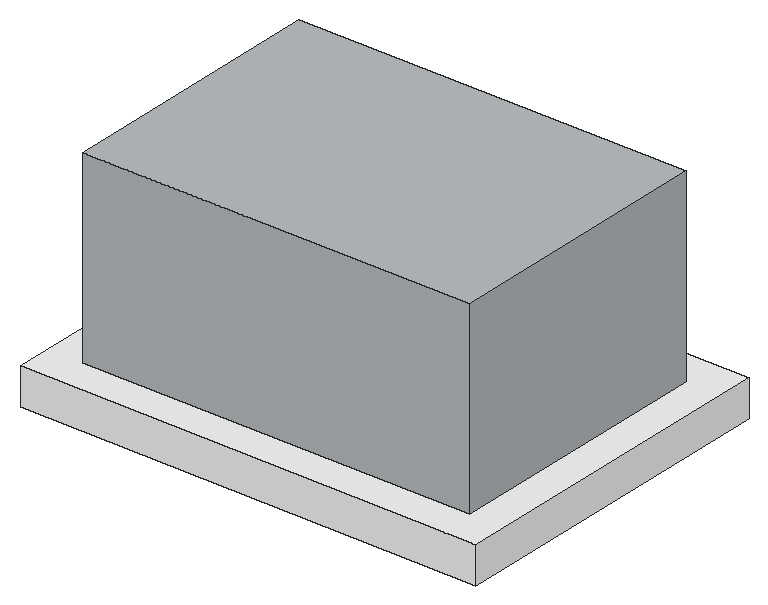
Revit family "wd-120_220bzr5_50Hz", category 機械設備, Revit 2019
Family settings
  丸型コネクタ寸法 = 直径を使用
  パーツ タイプ = 標準
  OmniClass 番号 = 23.75.35.17.27
  OmniClass タイトル = Centrifugal Fans
  作業面ベース = いいえ
  常に垂直 = はい
  ロード時にボイドで切り取り = いいえ
  共有 = いいえ
  部屋計算ポイント = はい
Parameters (values of type "WD-120BZR5")
  騒音レベル(dB(A)) [instance] = 42
  風量 [instance] = 165.0 m³/h
  電源種別 [instance] = ""
  電圧 = 100 V
  電動機出力 = 0 W
  電動機_種別 [instance] = ""
  運転質量 = 0.00 kg
  連動 [instance] = ""
  質量 = if(製品質量 > 運転質量, 製品質量, 運転質量) * 1.2  # 7.80 kg
  負荷分類 = 3_ファン類
  説明 = "バス乾燥・暖房・換気システム 浴室暖房機〈換気扇連動形〉"
  設計風量 [instance] = 0.0 m³/h
  設置方法 = "カセット形"
  記号 [instance] = ""
  製造元 = "三菱電機株式会社"
  製品質量 = 6.50 kg
  製品出荷対象 = "国内"
  製品リリース年月 = "2022年6月1日"
  製品グループ = ""
  系統 [instance] = ""
  符号 [instance] = if(☑給気／□排気, "FS", "FE")  # "FE"
  積算_科目 = "2 換気設備"
  積算_拾い区分 [instance] = ""
  相 = 1
  盤記号 [instance] = ""
  発停方法 [instance] = ""
  特殊仕様 [instance] = ""
  点検口離隔 = 150 mm
  点検口_Depth = 450 mm
  点検口 = yes
  火災停止 [instance] = ""
  消費電力 = 1300 W
  法定耐用年数 = "10"
  機外静圧 [instance] = 0.0 Pa
  極数 = 2
  材質 [instance] = ""
  本体固定用穴ピッチ4 = 224 mm
  本体固定用穴ピッチ3 = 424 mm
  操作・制御方式 = ""
  操作・制御スイッチ = ""
  排気量 [instance] = if(☑給気／□排気, 0.0 m³/h, 設計風量)  # 0.0 m³/h
  形式 = ""
  幹線記号 [instance] = ""
  対象室 [instance] = ""
  実風量 [instance] = 0.0 m³/h
  始動方式 [instance] = "直入"
  本体固定用穴ピッチ2 = 304 mm
  本体固定用穴ピッチ1 = 265 mm
  外気量 [instance] = if(☑給気／□排気, 設計風量, 0.0 m³/h)  # 0.0 m³/h
  呼称 = ""
  周波数 = 50 Hz
  参照している仕様書等のバージョン = ""
  分類コード = "50052503100080"
  分類グループ = ""
  価格 = 108800
  企業コード = "108420"
  付属品_防振装置 = ""
  付属品 [instance] = ""
  仕様書バージョン = "Version1.0"
  モデル = "WD-120BZR5"
  マテリアル = 亜鉛メッキ鋼板
  ファンの種類 = ""
  コメント [instance] = ""
  Keynote = ""
  カバーマテリアル = 合成樹脂(白)
  ☑給気／□排気 [instance] = no
  Width = 400 mm
  W1 = 472 mm
  Version = ""
  Uniclass2015Version = "Systems v1.9"
  Uniclass2015Title = "Centrifugal fans"
  Uniclass2015Code = "Pr_65_67_29_12"
  URL = "https://www.mitsubishielectric.co.jp/ldg/wink/ssl/displayProduct.do?pid=320838"
  SpecificationReference = ""
  SpecificationDescription = ""
  Revision = ""
  ProductInformation = ""
  OmniClassCode = "23-33 31 19 11 15"
  MIN風量 = 120.0 m³/h
  MIN静圧 = 0.0 Pa
  MID風量 = 0.0 m³/h
  MID静圧 = 0.0 Pa
  MAX風量 = 165.0 m³/h
  MAX静圧 = 0.0 Pa
  IfcTypeProduct = ""
  IfcProduct = ""
  IfcExportType = "PROPELLORAXIAL"
  IfcExportAs = "IfcFanType"
  Height = 195 mm
  H1 = 38 mm
  Depth = 280 mm
  D1 = 352 mm
  Author = "三菱電機株式会社"
Types (2, lengths in mm): name | 騒音レベル(dB(A)) | 風量 | 電圧 | 質量 | 製品質量 | 消費電力 | 極数 | 価格 | モデル | URL | MIN風量 | MAX風量
  WD-120BZR5 | 42 | 165.0 m³/h | 100 V | 7.80 kg | 6.50 kg | 1300 W | 2 | 108800 | "WD-120BZR5" | "https://www.mitsubishielectric.co.jp/ldg/wink/ssl/displayProduct.do?pid=320838" | 120.0 m³/h | 165.0 m³/h
  WD-220BZR5 | 49 | 210.0 m³/h | 200 V | 8.40 kg | 7.00 kg | 2300 W | 3 | 137100 | "WD-220BZR5" | "https://www.mitsubishielectric.co.jp/ldg/wink/ssl/displayProduct.do?pid=320859" | 110.0 m³/h | 210.0 m³/h
Reference planes
  plane 1 "中心(正面/背面)": y = 0
  plane 2: z = 0
  plane 3 "中心(左/右)": x = 0
  plane 4: x = -236
  plane 5: x = 236
  plane 6: y = 176
  plane 7: y = -176
  plane 8: x = -200
  plane 9: x = 200
  plane 10: y = 140
  plane 11: y = -140
  plane 12: z = 195
  plane 13: z = -38
  plane 14: x = -132.5
  plane 15: x = 132.5
  plane 16: y = 152
  plane 17: y = -152
  plane 18: x = -212
  plane 19: x = 212
  plane 20: y = 112
  plane 21: y = -112
  plane 22: x = -350
  plane 23: x = -800
  plane 24: y = 225
  plane 25: y = -225
Forms (mm)
  Extrusion 1, solid, material "亜鉛メッキ鋼板" <- "マテリアル", detail levels fine
    sketch origin (0, 0, 0) x (1, 0, 0) y (0, 1, 0)
      loop
        line (-200, 140) -> (-200, -140) -> (200, -140) -> (200, 140) -> (-200, 140)
    from 0 to 195
  Extrusion 2, solid, material "合成樹脂(白)" <- "カバーマテリアル", detail levels fine
    sketch origin (0, 0, 0) x (1, 0, 0) y (0, 1, 0)
      loop
        line (-236, 176) -> (-236, -176) -> (236, -176) -> (236, 176) -> (-236, 176)
    from 0 to -38
Dimensions and locks
  equal spacing: plane 4, plane 3 "中心(左/右)", plane 5
  "W1": plane 4 to plane 5
  equal spacing: plane 6, plane 1 "中心(正面/背面)", plane 7
  "D1": plane 6 to plane 7
  equal spacing: plane 8, plane 3 "中心(左/右)", plane 9
  "Width": plane 8 to plane 9
  equal spacing: plane 10, plane 1 "中心(正面/背面)", plane 11
  "Depth": plane 10 to plane 11
  "Height": plane 12 to plane 2
  equal spacing: plane 14, plane 3 "中心(左/右)", plane 15
  "本体固定用穴ピッチ1": plane 14 to plane 15
  equal spacing: plane 16, plane 1 "中心(正面/背面)", plane 17
  "本体固定用穴ピッチ2": plane 16 to plane 17
  "H1": plane 2 to plane 13
  equal spacing: plane 20, plane 1 "中心(正面/背面)", plane 21
  equal spacing: plane 18, plane 3 "中心(左/右)", plane 19
  "本体固定用穴ピッチ3": plane 18 to plane 19
  equal spacing: plane 24, plane 1 "中心(正面/背面)", plane 25
  "点検口_Depth": plane 24 to plane 25
  "点検口_Depth": plane 23 to plane 22
  "点検口離隔": plane 22 to plane 8
  "本体固定用穴ピッチ4": plane 20 to plane 21
  aligned and locked: level to plane 2
  aligned and locked: plane 5 to Extrusion 2
  aligned and locked: plane 6 to Extrusion 2
  aligned and locked: Extrusion 2 to plane 4
  aligned and locked: Extrusion 2 to plane 7
  aligned and locked: plane 9 to Extrusion 1
  aligned and locked: Extrusion 1 to plane 11
  aligned and locked: Extrusion 1 to plane 8
  aligned and locked: plane 10 to Extrusion 1
  aligned and locked: plane 12 to Extrusion 1
  aligned and locked: Extrusion 2 to plane 13
  aligned and locked: level to Extrusion 2
  aligned and locked: Extrusion 1 to level
  aligned and locked: nested 2 to plane 14
  aligned and locked: nested 2 to plane 15
  aligned and locked: nested 2 to plane 17
  aligned and locked: nested 2 to plane 16
  aligned and locked: nested 3 to plane 20
  aligned and locked: nested 3 to plane 21
  aligned and locked: plane 18 to nested 3
  aligned and locked: plane 19 to nested 3
  aligned and locked: plane 22 to nested 4
  aligned and locked: plane 23 to nested 4
  aligned and locked: plane 24 to nested 4
  aligned and locked: plane 25 to nested 4
Automatic sketch dimensions
  Extrusion 1 sketch curve to plane 3 "中心(左/右)" = 200 mm
  plane 3 "中心(左/右)" to Extrusion 1 sketch curve = 200 mm
  Extrusion 2 sketch curve to plane 3 "中心(左/右)" = 236 mm
  plane 3 "中心(左/右)" to Extrusion 2 sketch curve = 236 mm
  plane 1 "中心(正面/背面)" to Extrusion 1 sketch curve = 140 mm
  Extrusion 1 sketch curve to plane 1 "中心(正面/背面)" = 140 mm
  plane 1 "中心(正面/背面)" to Extrusion 2 sketch curve = 176 mm
  Extrusion 2 sketch curve to plane 1 "中心(正面/背面)" = 176 mm
Nested families
  nested 1: "記号_天井換気扇_平面" at (0, 0, 0), type "記号_天井換気扇_平面", detail levels coarse+medium
  nested 2: "固定点" at (-132.5, -152, 0), type "固定点"
    with W 265 mm, D 304 mm
  nested 3: "固定点" at (-212, -112, 0), type "固定点"
    with W 424 mm, D 224 mm
  nested 4: "点検口設置範囲" at (-575, 0, 0), visible <- "点検口", type "点検口設置範囲"
    with Width 450 mm, Depth 450 mm
Connectors
  electrical at (0, 0, 195), driven by "極数", driven by "負荷分類", driven by "電圧", driven by "消費電力"
    settings: on Extrusion 1, index 3, voltage 100 V, apparent load 1300 VA, apparent load phase1 0 VA, apparent load phase2 0 VA, apparent load phase3 0 VA, power factor 1, load classification "3_ファン類", number of poles 2, system type 30, power factor state 1, is connector primary yes, connector utility no, sub classification motor no, connector description ""
Definition of nested family "記号_天井換気扇_平面"
  Reference planes
    plane 1: y = 0
    plane 2: x = 0
  Lines and regions (mm)
    detail lines
      curve 1: line (-2.5, 2.5, 0) -> (2.5, 2.5, 0)
      curve 2: line (-2.5, -2.5, 0) -> (-2.5, 2.5, 0)
      curve 3: line (2.5, -2.5, 0) -> (-2.5, -2.5, 0)
      curve 4: line (2.5, 2.5, 0) -> (2.5, -2.5, 0)
      curve 5: circle (-1.04, -1.04, 0) r 1.46 normal (0, 0, 1)
      curve 6: circle (1.04, 1.04, 0) r 1.46 normal (0, 0, 1)
      curve 7: line (-3.125, 3.125, 0) -> (3.125, 3.125, 0)
      curve 8: line (-3.125, -3.125, 0) -> (-3.125, 3.125, 0)
      curve 9: line (3.125, -3.125, 0) -> (-3.125, -3.125, 0)
      curve 10: line (3.125, 3.125, 0) -> (3.125, -3.125, 0)
      curve 11: circle (1.295, 1.295, 0) r 1.83 normal (0, 0, 1)
      curve 12: circle (-1.295, -1.295, 0) r 1.83 normal (0, 0, 1)
      curve 13: line (-2, 2, 0) -> (2, 2, 0)
      curve 14: line (-2, -2, 0) -> (-2, 2, 0)
      curve 15: line (2, -2, 0) -> (-2, -2, 0)
      curve 16: line (2, 2, 0) -> (2, -2, 0)
      curve 17: circle (0.84, 0.84, 0) r 1.16 normal (0, 0, 1)
      curve 18: circle (-0.84, -0.84, 0) r 1.2 normal (0, 0, 1)
Definition of nested family "固定点"
  Parameters (values of type "固定点")
    中心円 = 20 mm
    W [instance] = 1000 mm
    D [instance] = 1000 mm
  Reference planes
    plane 1 "中心(正面/背面)": y = 0
    plane 2: z = 0
    plane 3 "中心(左/右)": x = 0
    plane 4: x = 1000
    plane 5: y = 1000
  Lines and regions (mm)
    symbolic lines, detail levels fine
      curve 1: circle (0, 1000, 0) r 10 normal (0, 0, 1)
      curve 2: circle (0, 0, 0) r 10 normal (0, 0, 1)
      curve 3: circle (1000, 1000, 0) r 10 normal (0, 0, 1)
      curve 4: circle (1000, 0, 0) r 10 normal (0, 0, 1)
      curve 5: line (-200, 1000, 0) -> (1200, 1000, 0)
      curve 6: line (-200, 0, 0) -> (1200, 0, 0)
      curve 7: line (0, 1200, 0) -> (0, -200, 0)
      curve 8: line (1000, 1200, 0) -> (1000, -200, 0)
  Dimensions and locks
    "W": plane 3 "中心(左/右)" to plane 4
    "D": plane 1 "中心(正面/背面)" to plane 5
    "中心円": diameter of curve 1
    "中心円": diameter of curve 2
    "中心円": diameter of curve 3
    "中心円": diameter of curve 4
    aligned and locked: level to plane 2
    aligned and locked: plane 5 to curve 1
    aligned and locked: plane 3 "中心(左/右)" to curve 1
    aligned and locked: plane 3 "中心(左/右)" to curve 2
    aligned and locked: plane 1 "中心(正面/背面)" to curve 2
    aligned and locked: plane 4 to curve 3
    aligned and locked: plane 5 to curve 3
    aligned and locked: plane 1 "中心(正面/背面)" to curve 4
    aligned and locked: plane 4 to curve 4
    aligned and locked: plane 1 "中心(正面/背面)" to curve 6
    aligned and locked: curve 7 to plane 3 "中心(左/右)"
    aligned and locked: curve 8 to plane 4
  Automatic sketch dimensions
    curve 5 to plane 5 = 0 mm
    curve 6 to plane 3 "中心(左/右)" = 200 mm
    curve 5 to plane 3 "中心(左/右)" = 200 mm
    curve 4 to curve 6 = 200 mm
    curve 3 to curve 5 = 200 mm
    plane 1 "中心(正面/背面)" to curve 8 = 200 mm
    plane 1 "中心(正面/背面)" to curve 7 = 200 mm
    curve 3 to curve 8 = 200 mm
    curve 1 to curve 7 = 200 mm
Definition of nested family "点検口設置範囲"
  Parameters (values of type "点検口設置範囲")
    Width [instance] = 1000 mm
    Depth [instance] = 700 mm
  Reference planes
    plane 1 "中心(正面/背面)": y = 0
    plane 2: z = 0
    plane 3 "中心(左/右)": x = 0
    plane 4: x = -500
    plane 5: x = 500
    plane 6: y = -350
    plane 7: y = 350
  Lines and regions (mm)
    model lines
      curve 1: line (-500, 350, 0) -> (500, 350, 0)
      curve 2: line (-500, -350, 0) -> (-500, 350, 0)
      curve 3: line (500, -350, 0) -> (-500, -350, 0)
      curve 4: line (500, 350, 0) -> (500, -350, 0)
  Dimensions and locks
    "Depth": plane 7 to plane 6
    "Width": plane 4 to plane 5
    equal spacing: plane 7, plane 1 "中心(正面/背面)", plane 6
    equal spacing: plane 4, plane 3 "中心(左/右)", plane 5
    aligned and locked: level to plane 2
    aligned and locked: plane 4 to curve 2
    aligned and locked: curve 1 to plane 7
    aligned and locked: curve 4 to plane 5
    aligned and locked: plane 6 to curve 3
